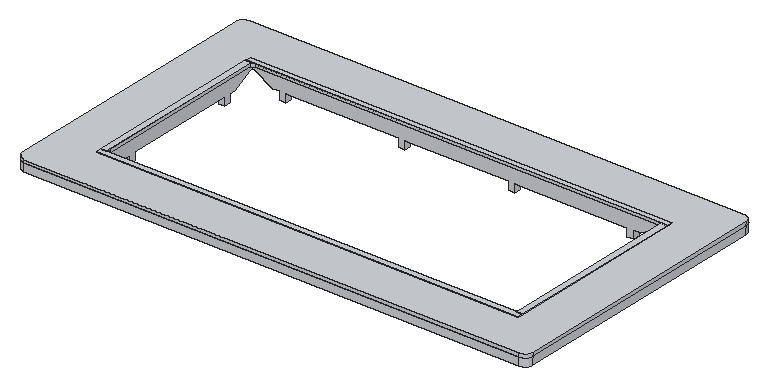
Revit family "Gira_1002295", category Electrical Fixtures, host Face, Revit 2017
Family settings
  Host = Face
  Maintain Annotation Orientation = No
  Round Connector Dimension = Use Diameter
  Part Type = Normal
  Cut with Voids When Loaded = No
  Shared = No
  Room Calculation Point = No
Parameters (values of type "Abdeckrahmen 2f o.M. flach Gira E2 Reinweiß")
  Werkstoffgüte = "Thermoplast"
  Werkstoff = "Kunststoff"
  URL = "http://katalog.gira.de/de_DE/datenblatt.html?artikelnr=1002295"
  Transparent = "No"
  Textfeld/Beschriftungsfläche = "No"
  Schutzart (IP) = "IP20"
  Region = "DE"
  RAL-Nummer (ähnlich) = "9010 "
  Oberfläche = "sonstige"
  Name = "Abdeckrahmen 2f o.M. flach Gira E2 Reinweiß"
  Montagerichtung = "horizontal und vertikal"
  Mit Montagerahmen = "No"
  Mit Klappdeckel = "No"
  Manufacturer URL = "https://www.gira.de/"
  Keynote = "E2flach_Rahmen_2fach o.Mittelsteg"
  HeinzeBIM = "https://bimportal.heinze.de/bim/abdeckrahmen-2f-o-m-flach-gira-e2-reinweiss/7b8852a3c1bb2266eaf3566c4442a999fbe32c6e"
  Halogenfrei = "Yes"
  HAN = "1002295"
  Geeignet für Unterputz-Installation = "Yes"
  Geeignet für Unterflurkanaldose = "No"
  Geeignet für Geräteeinbaukanal = "No"
  Geeignet für Einbauinstallation = "No"
  GTIN = "4010337022251"
  Farbe = "weiß"
  Default Elevation = 1219.2 mm
  Data sheet (1) = "https://katalog.gira.de/de_DE/download.html?artikelnr=1002295"
  Category = "Abdeckrahmen"
  Befestigungsart = "Klemmbefestigung"
  Available = "Yes"
  Ausführung der Oberfläche = "glänzend"
  Anzahl der Einheiten vertikal = "2 "
  Anzahl der Einheiten horizontal = "2 "
  Anzahl der Einheiten = "2 "
Reference planes
  plane 1 "Center (Front/Back)": y = 0
  plane 2: z = 0
  plane 3 "Center (Left/Right)": x = 0
Forms (mm)
  Extrusion 1, solid, detail levels fine
    sketch origin (0, 0, 0) x (1, 0, 0) y (0, 1, 0)
      loop
        arc (-77, 43.9) -> (-78.768, 43.168) -> (-79.5, 41.4) r 2.5
        line (-79.5, 41.4) -> (-79.5, -41.4)
        arc (-79.5, -41.4) -> (-78.768, -43.168) -> (-77, -43.9) r 2.5
        line (-77, -43.9) -> (77, -43.9)
        arc (77, -43.9) -> (78.768, -43.168) -> (79.5, -41.4) r 2.5
        line (79.5, -41.4) -> (79.5, 41.4)
        arc (79.5, 41.4) -> (78.768, 43.168) -> (77, 43.9) r 2.5
        line (77, 43.9) -> (-77, 43.9)
      loop
        spline (-63.744, -27.245) -> (-63.736, -27.363) -> (-63.713, -27.478) -> (-63.675, -27.589) -> (-63.623, -27.695) -> (-63.558, -27.792) -> (-63.481, -27.881) -> (-63.392, -27.958) -> (-63.295, -28.023) -> (-63.189, -28.075) -> (-63.078, -28.113) -> (-62.963, -28.136) -> (-62.845, -28.144)
        line (-62.845, -28.144) -> (62.845, -28.144)
        spline (62.845, -28.144) -> (62.963, -28.136) -> (63.078, -28.113) -> (63.189, -28.075) -> (63.295, -28.023) -> (63.392, -27.958) -> (63.481, -27.881) -> (63.558, -27.792) -> (63.623, -27.695) -> (63.675, -27.589) -> (63.713, -27.478) -> (63.736, -27.363) -> (63.744, -27.245)
        line (63.744, -27.245) -> (63.744, 27.245)
        spline (63.744, 27.245) -> (63.736, 27.363) -> (63.713, 27.478) -> (63.675, 27.589) -> (63.623, 27.695) -> (63.558, 27.792) -> (63.481, 27.881) -> (63.392, 27.958) -> (63.295, 28.023) -> (63.189, 28.075) -> (63.078, 28.113) -> (62.963, 28.136) -> (62.845, 28.144)
        line (62.845, 28.144) -> (-62.845, 28.144)
        spline (-62.845, 28.144) -> (-62.963, 28.136) -> (-63.078, 28.113) -> (-63.189, 28.075) -> (-63.295, 28.023) -> (-63.392, 27.958) -> (-63.481, 27.881) -> (-63.558, 27.792) -> (-63.623, 27.695) -> (-63.675, 27.589) -> (-63.713, 27.478) -> (-63.736, 27.363) -> (-63.744, 27.245)
        line (-63.744, 27.245) -> (-63.744, -27.245)
    from 2.5 to 3.4
  Extrusion 2, solid, detail levels fine
    sketch origin (0, 0, 0) x (1, 0, 0) y (0, 1, 0)
      loop
        arc (-77, 43.9) -> (-78.768, 43.168) -> (-79.5, 41.4) r 2.5
        line (-79.5, 41.4) -> (-79.5, -41.4)
        arc (-79.5, -41.4) -> (-78.768, -43.168) -> (-77, -43.9) r 2.5
        line (-77, -43.9) -> (77, -43.9)
        arc (77, -43.9) -> (78.768, -43.168) -> (79.5, -41.4) r 2.5
        line (79.5, -41.4) -> (79.5, 41.4)
        arc (79.5, 41.4) -> (78.768, 43.168) -> (77, 43.9) r 2.5
        line (77, 43.9) -> (-77, 43.9)
      loop
        arc (-77, 43.4) -> (-78.414, 42.814) -> (-79, 41.4) r 2
        line (-79, 41.4) -> (-79, -41.4)
        arc (-79, -41.4) -> (-78.414, -42.814) -> (-77, -43.4) r 2
        line (-77, -43.4) -> (77, -43.4)
        arc (77, -43.4) -> (78.414, -42.814) -> (79, -41.4) r 2
        line (79, -41.4) -> (79, 41.4)
        arc (79, 41.4) -> (78.414, 42.814) -> (77, 43.4) r 2
        line (77, 43.4) -> (-77, 43.4)
    from 0 to 2.5
  Extrusion 3, solid, detail levels fine
    sketch origin (35.6, 0, 0) x (0, -1, 0) y (0, 0, -1)
      loop
        line (-17.5, 4.06) -> (-19.5, 4.06) -> (-19.5, 1.56) -> (-21.654, 1.56) -> (-27.214, -1.65) -> (-28.144, -1.65) -> (-28.144, -3.4) -> (28.144, -3.4) -> (28.144, -1.65) -> (27.214, -1.65) -> (21.654, 1.56) -> (19.5, 1.56) -> (19.5, 4.06) -> (17.5, 4.06) -> (17.5, 1.56) -> (-17.5, 1.56) -> (-17.5, 4.06)
    from 28.144 to 30
  Extrusion 4, solid, detail levels fine
    sketch origin (0, 0, 0) x (1, 0, 0) y (0, 0, -1)
      loop
        line (-53.1, 4.06) -> (-55.1, 4.06) -> (-55.1, 1.56) -> (-57.254, 1.56) -> (-62.814, -1.65) -> (-65.6, -1.65) -> (-65.6, -3.4) -> (65.6, -3.4) -> (65.6, -1.65) -> (62.814, -1.65) -> (57.254, 1.56) -> (55.1, 1.56) -> (55.1, 4.06) -> (53.1, 4.06) -> (53.1, 1.56) -> (18.1, 1.56) -> (18.1, 4.042) -> (16.1, 4.042) -> (16.1, 1.542) -> (-16.1, 1.542) -> (-16.1, 4.042) -> (-18.1, 4.042) -> (-18.1, 1.56) -> (-53.1, 1.56) -> (-53.1, 4.06)
    from 28.144 to 30
  Extrusion 5, solid, detail levels coarse
    sketch origin (0, 0, 0) x (1, 0, 0) y (0, 1, 0)
      loop
        line (-79.5, 43.9) -> (-79.5, -43.9) -> (79.5, -43.9) -> (79.5, 43.9) -> (-79.5, 43.9)
    from -4.06 to 3.4
  Extrusion 6, solid, detail levels medium
    sketch origin (0, 0, 0) x (1, 0, 0) y (0, 1, 0)
      loop
        line (-79.5, 43.9) -> (-79.5, -43.9) -> (79.5, -43.9) -> (79.5, 43.9) -> (-79.5, 43.9)
    from 0 to 3.4
  Extrusion 7, solid, detail levels medium
    sketch origin (0, 0, 0) x (1, 0, 0) y (0, 0, -1)
      loop
        line (-53.1, 4.06) -> (-55.1, 4.06) -> (-55.1, 1.56) -> (-65.6, 1.56) -> (-65.6, -3.4) -> (65.6, -3.4) -> (65.6, 1.56) -> (55.1, 1.56) -> (55.1, 4.06) -> (53.1, 4.06) -> (53.1, 1.56) -> (18.1, 1.56) -> (18.1, 4.06) -> (16.1, 4.06) -> (16.1, 1.542) -> (-16.1, 1.542) -> (-16.1, 4.06) -> (-18.1, 4.06) -> (-18.1, 1.56) -> (-53.1, 1.56) -> (-53.1, 4.06)
    from 28.144 to 30
  Extrusion 8, solid, detail levels medium
    sketch origin (35.6, 0, 0) x (0, -1, 0) y (0, 0, -1)
      loop
        line (-17.5, 4.06) -> (-19.5, 4.06) -> (-19.5, 1.56) -> (-28.144, 1.56) -> (-28.144, -3.4) -> (28.144, -3.4) -> (28.144, 1.56) -> (19.5, 1.56) -> (19.5, 4.06) -> (17.5, 4.06) -> (17.5, 1.56) -> (-17.5, 1.56) -> (-17.5, 4.06)
    from 28.144 to 30
  Extrusion 9, solid, detail levels fine
    sketch origin (0, 0, 0) x (1, 0, 0) y (0, 0, 1)
      loop
        line (-53.1, -4.06) -> (-53.1, -1.56) -> (-18.1, -1.56) -> (-18.1, -4.042) -> (-16.1, -4.042) -> (-16.1, -1.542) -> (16.1, -1.542) -> (16.1, -4.042) -> (18.1, -4.042) -> (18.1, -1.56) -> (53.1, -1.56) -> (53.1, -4.06) -> (55.1, -4.06) -> (55.1, -1.56) -> (57.254, -1.56) -> (62.814, 1.65) -> (65.6, 1.65) -> (65.6, 3.4) -> (-65.6, 3.4) -> (-65.6, 1.65) -> (-62.814, 1.65) -> (-57.254, -1.56) -> (-55.1, -1.56) -> (-55.1, -4.06) -> (-53.1, -4.06)
    from 28.144 to 30
  Extrusion 10, solid, detail levels medium
    sketch origin (0, 0, 0) x (1, 0, 0) y (0, 0, 1)
      loop
        line (-53.1, -4.06) -> (-53.1, -1.56) -> (-18.1, -1.56) -> (-18.1, -4.06) -> (-16.1, -4.06) -> (-16.1, -1.542) -> (16.1, -1.542) -> (16.1, -4.06) -> (18.1, -4.06) -> (18.1, -1.56) -> (53.1, -1.56) -> (53.1, -4.06) -> (55.1, -4.06) -> (55.1, -1.56) -> (65.6, -1.56) -> (65.6, 3.4) -> (-65.6, 3.4) -> (-65.6, -1.56) -> (-55.1, -1.56) -> (-55.1, -4.06) -> (-53.1, -4.06)
    from 28.144 to 30
  Extrusion 11, solid, detail levels fine
    sketch origin (-35.6, 0, 0) x (0, -1, 0) y (0, 0, 1)
      loop
        line (-17.5, -4.06) -> (-17.5, -1.56) -> (17.5, -1.56) -> (17.5, -4.06) -> (19.5, -4.06) -> (19.5, -1.56) -> (21.654, -1.56) -> (27.214, 1.65) -> (28.144, 1.65) -> (28.144, 3.4) -> (-28.144, 3.4) -> (-28.144, 1.65) -> (-27.214, 1.65) -> (-21.654, -1.56) -> (-19.5, -1.56) -> (-19.5, -4.06) -> (-17.5, -4.06)
    from 28.144 to 30
  Extrusion 12, solid, detail levels medium
    sketch origin (-35.6, 0, 0) x (0, -1, 0) y (0, 0, 1)
      loop
        line (-17.5, -4.06) -> (-17.5, -1.56) -> (17.5, -1.56) -> (17.5, -4.06) -> (19.5, -4.06) -> (19.5, -1.56) -> (28.144, -1.56) -> (28.144, 3.4) -> (-28.144, 3.4) -> (-28.144, -1.56) -> (-19.5, -1.56) -> (-19.5, -4.06) -> (-17.5, -4.06)
    from 28.144 to 30
Dimensions and locks
  aligned and locked: plane 2 to host face
  aligned and locked: level to host face
